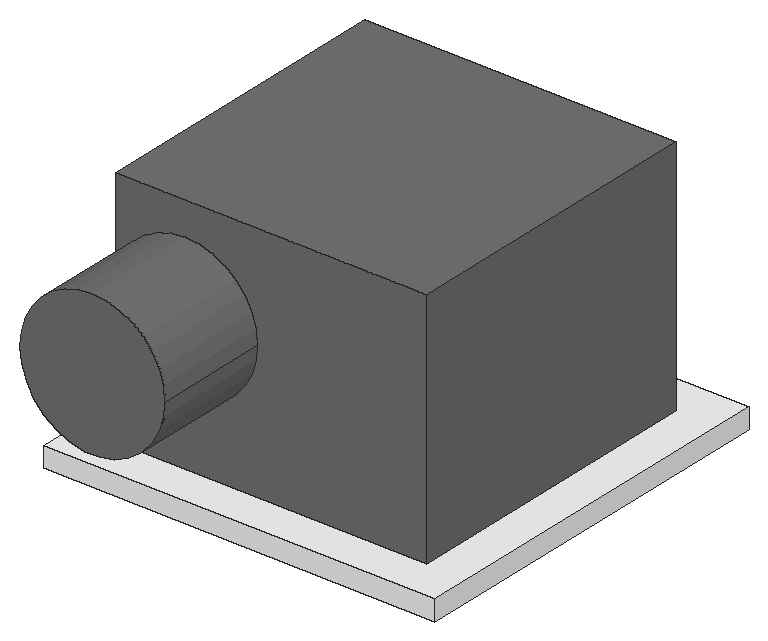
Revit family "vd-10_20zac14_60Hz", category 機械設備, Revit 2019
Family settings
  丸型コネクタ寸法 = 直径を使用
  パーツ タイプ = 標準
  OmniClass 番号 = 23.75.35.17.27
  OmniClass タイトル = Centrifugal Fans
  作業面ベース = いいえ
  常に垂直 = はい
  ロード時にボイドで切り取り = いいえ
  共有 = いいえ
  部屋計算ポイント = はい
Parameters (values of type "VD-20ZAC14")
  騒音レベル(dB(A)) [instance] = 39
  風量 [instance] = 420.0 m³/h
  電源種別 [instance] = ""
  電圧 = 100 V
  電動機出力 = 0 W
  電動機_種別 [instance] = ""
  運転質量 = 0.00 kg
  連動 [instance] = ""
  質量 = if(製品質量 > 運転質量, 製品質量, 運転質量) * 1.2  # 4.68 kg
  負荷分類 = 3_ファン類
  説明 = "人感センサー搭載 ダクト用換気扇 低騒音形"
  設計風量 [instance] = 0.0 m³/h
  設置方法 = "天埋"
  記号 [instance] = ""
  製造元 = "三菱電機株式会社"
  製品質量 = 3.90 kg
  製品出荷対象 = "国内"
  製品リリース年月 = "2024年6月3日"
  製品グループ = ""
  系統 [instance] = ""
  符号 [instance] = if(☑給気／□排気, "FS", "FE")  # "FE"
  積算_科目 = "2 換気設備"
  積算_拾い区分 [instance] = ""
  相 = 1
  盤記号 [instance] = ""
  発停方法 [instance] = ""
  特殊仕様 [instance] = ""
  火災停止 [instance] = ""
  消費電力 = 53 W
  法定耐用年数 = "15"
  機外静圧 [instance] = 0.0 Pa
  極数 = 2
  材質 [instance] = ""
  操作・制御方式 = ""
  操作・制御スイッチ = ""
  排気量 [instance] = if(☑給気／□排気, 0.0 m³/h, 設計風量)  # 0.0 m³/h
  形式 = "天井埋込ダクト形"
  幹線記号 [instance] = ""
  対象室 [instance] = ""
  実風量 [instance] = 0.0 m³/h
  始動方式 [instance] = "直入"
  外気量 [instance] = if(☑給気／□排気, 設計風量, 0.0 m³/h)  # 0.0 m³/h
  呼称 = "天井扇"
  周波数 = 60 Hz
  参照している仕様書等のバージョン = ""
  分類コード = "50052503100030"
  分類グループ = ""
  価格 = 65300
  企業コード = "108420"
  付属品_防振装置 = ""
  付属品 [instance] = ""
  仕様書バージョン = "Version1.0"
  モデル = "VD-20ZAC14"
  マテリアル = 合成樹脂(黒)
  ファンの種類 = ""
  ダクト径 = 150 mm
  コメント [instance] = ""
  Keynote = ""
  カバーマテリアル = 合成樹脂(白)
  ☑給気／□排気 [instance] = no
  Width = 310 mm
  W1 = 390 mm
  Version = ""
  Uniclass2015Version = "Systems v1.9"
  Uniclass2015Title = "Centrifugal fans"
  Uniclass2015Code = "Pr_65_67_29_12"
  URL = "https://www.mitsubishielectric.co.jp/ldg/wink/qr/002/333509/"
  SpecificationReference = ""
  SpecificationDescription = ""
  Revision = ""
  ProductInformation = ""
  OmniClassCode = "23-33 31 19 11 15"
  MIN風量 = 0.0 m³/h
  MIN静圧 = 0.0 Pa
  MID風量 = 0.0 m³/h
  MID静圧 = 0.0 Pa
  MAX風量 = 420.0 m³/h
  MAX静圧 = 0.0 Pa
  IfcTypeProduct = ""
  IfcProduct = ""
  IfcExportType = "PROPELLORAXIAL"
  IfcExportAs = "IfcFanType"
  Height = 240 mm
  H1 = 20 mm
  EAサイズ_D = 144 mm
  Duct_Height = 135 mm
  Duct_Depth = 115 mm
  Duct_Center = 86 mm
  Depth = 310 mm
  D1 = 390 mm
  Author = "三菱電機株式会社"
Types (3, lengths in mm): name | 騒音レベル(dB(A)) | 風量 | 質量 | 製品質量 | 消費電力 | 価格 | モデル | ダクト径 | Width | W1 | URL | MAX風量 | Height | EAサイズ_D | Duct_Height | Duct_Depth | Duct_Center | Depth | D1
  VD-10ZAC14 | 32.5 | 95.0 m³/h | 1.80 kg | 1.50 kg | 12.7 W | 35200 | "VD-10ZAC14" | 100 | 174 | 250 | "https://www.mitsubishielectric.co.jp/ldg/wink/qr/002/333552/" | 95.0 m³/h | 184 | 98 | 102 | 109 | 0 | 174 | 250
  VD-13ZAC14 | 33.5 | 130.0 m³/h | 2.04 kg | 1.70 kg | 20 W | 38200 | "VD-13ZAC14" | 100 | 204 | 286 | "https://www.mitsubishielectric.co.jp/ldg/wink/qr/002/333576/" | 130.0 m³/h | 195 | 98 | 109 | 109 | 0 | 204 | 286
  VD-20ZAC14 | 39 | 420.0 m³/h | 4.68 kg | 3.90 kg | 53 W | 65300 | "VD-20ZAC14" | 150 | 310 | 390 | "https://www.mitsubishielectric.co.jp/ldg/wink/qr/002/333509/" | 420.0 m³/h | 240 | 144 | 135 | 115 | 86 | 310 | 390
Reference planes
  plane 1 "中心(正面/背面)": y = 0
  plane 2: z = 0
  plane 3 "中心(左/右)": x = 0
  plane 4: x = -195
  plane 5: x = 195
  plane 6: y = 195
  plane 7: y = -195
  plane 8: x = -155
  plane 9: x = 155
  plane 10: y = 155
  plane 11: y = -155
  plane 12: y = -270
  plane 13: z = 240
  plane 14: z = -20
  plane 15: z = 135
  plane 16: x = -86
Forms (mm)
  Extrusion 1, solid, material "合成樹脂(黒)" <- "マテリアル", detail levels fine
    sketch origin (0, 0, 0) x (1, 0, 0) y (0, 1, 0)
      loop
        line (-155, 155) -> (-155, -155) -> (155, -155) -> (155, 155) -> (-155, 155)
    from 0 to 240
  Extrusion 2, solid, material "合成樹脂(白)" <- "カバーマテリアル", detail levels fine
    sketch origin (0, 0, 0) x (1, 0, 0) y (0, 1, 0)
      loop
        line (-195, 195) -> (-195, -195) -> (195, -195) -> (195, 195) -> (-195, 195)
    from 0 to -20
  Extrusion 3, solid, material "合成樹脂(黒)" <- "マテリアル", detail levels fine
    sketch origin (0, 0, 0) x (1, 0, 0) y (0, 0, 1)
      loop
        circle (-86, 135) r 72
    from 155 to 270
Dimensions and locks
  equal spacing: plane 4, plane 3 "中心(左/右)", plane 5
  "W1": plane 4 to plane 5
  equal spacing: plane 6, plane 1 "中心(正面/背面)", plane 7
  "D1": plane 6 to plane 7
  equal spacing: plane 8, plane 3 "中心(左/右)", plane 9
  "Width": plane 8 to plane 9
  equal spacing: plane 10, plane 1 "中心(正面/背面)", plane 11
  "Depth": plane 10 to plane 11
  "Duct_Depth": plane 11 to plane 12
  "Height": plane 13 to plane 2
  "Duct_Height": plane 15 to plane 2
  "H1": plane 2 to plane 14
  "Duct_Center": plane 3 "中心(左/右)" to plane 16
  "EAサイズ_D": diameter of Extrusion 3 sketch curve
  aligned and locked: level to plane 2
  aligned and locked: plane 5 to Extrusion 2
  aligned and locked: plane 6 to Extrusion 2
  aligned and locked: Extrusion 2 to plane 4
  aligned and locked: Extrusion 2 to plane 7
  aligned and locked: plane 9 to Extrusion 1
  aligned and locked: Extrusion 1 to plane 11
  aligned and locked: Extrusion 1 to plane 8
  aligned and locked: plane 10 to Extrusion 1
  aligned and locked: plane 13 to Extrusion 1
  aligned and locked: Extrusion 2 to plane 14
  aligned and locked: level to Extrusion 2
  aligned and locked: Extrusion 1 to level
  aligned and locked: Extrusion 3 to plane 12
  aligned and locked: plane 11 to Extrusion 3
Automatic sketch dimensions
  Extrusion 1 sketch curve to plane 3 "中心(左/右)" = 155 mm
  plane 3 "中心(左/右)" to Extrusion 1 sketch curve = 155 mm
  Extrusion 2 sketch curve to plane 3 "中心(左/右)" = 195 mm
  plane 3 "中心(左/右)" to Extrusion 2 sketch curve = 195 mm
  plane 1 "中心(正面/背面)" to Extrusion 1 sketch curve = 155 mm
  Extrusion 1 sketch curve to plane 1 "中心(正面/背面)" = 155 mm
  plane 1 "中心(正面/背面)" to Extrusion 2 sketch curve = 195 mm
  Extrusion 2 sketch curve to plane 1 "中心(正面/背面)" = 195 mm
  Extrusion 3 sketch curve to plane 15 = 0 mm
  Extrusion 3 sketch curve to plane 16 = 0 mm
Nested families
  nested 1: "記号_天井換気扇_平面" at (0, 0, 0), type "記号_天井換気扇_平面", detail levels coarse+medium
Connectors
  hvac at (-86, -270, 135), driven by "ダクト径", driven by "風量", driven by "機外静圧"
    settings: on Extrusion 3, index 1, duct flow 420.0 m³/h, flow factor 0, pres drop 0.0 Pa, loss coef 0, conn angle 0.00°, conn width 304.8 mm, conn height 304.8 mm, conn diameter 150 mm, duct sys type 3, conn prof type 0, flow config 0, flow direction 2, loss method 4, conn ref index -1, conn util no, is conn primary yes, conn desc ""
  electrical at (0, 0, 240), driven by "極数", driven by "負荷分類", driven by "電圧", driven by "消費電力"
    settings: on Extrusion 1, index 2, voltage 100 V, apparent load 53 VA, apparent load phase1 0 VA, apparent load phase2 0 VA, apparent load phase3 0 VA, power factor 1, load classification "3_ファン類", number of poles 2, system type 30, power factor state 1, is connector primary yes, connector utility no, sub classification motor no, connector description ""
Definition of nested family "記号_天井換気扇_平面"
  Reference planes
    plane 1: y = 0
    plane 2: x = 0
  Lines and regions (mm)
    detail lines
      curve 1: line (-2.5, 2.5, 0) -> (2.5, 2.5, 0)
      curve 2: line (-2.5, -2.5, 0) -> (-2.5, 2.5, 0)
      curve 3: line (2.5, -2.5, 0) -> (-2.5, -2.5, 0)
      curve 4: line (2.5, 2.5, 0) -> (2.5, -2.5, 0)
      curve 5: circle (-1.04, -1.04, 0) r 1.46 normal (0, 0, 1)
      curve 6: circle (1.04, 1.04, 0) r 1.46 normal (0, 0, 1)
      curve 7: line (-3.125, 3.125, 0) -> (3.125, 3.125, 0)
      curve 8: line (-3.125, -3.125, 0) -> (-3.125, 3.125, 0)
      curve 9: line (3.125, -3.125, 0) -> (-3.125, -3.125, 0)
      curve 10: line (3.125, 3.125, 0) -> (3.125, -3.125, 0)
      curve 11: circle (1.295, 1.295, 0) r 1.83 normal (0, 0, 1)
      curve 12: circle (-1.295, -1.295, 0) r 1.83 normal (0, 0, 1)
      curve 13: line (-2, 2, 0) -> (2, 2, 0)
      curve 14: line (-2, -2, 0) -> (-2, 2, 0)
      curve 15: line (2, -2, 0) -> (-2, -2, 0)
      curve 16: line (2, 2, 0) -> (2, -2, 0)
      curve 17: circle (0.84, 0.84, 0) r 1.16 normal (0, 0, 1)
      curve 18: circle (-0.84, -0.84, 0) r 1.2 normal (0, 0, 1)
